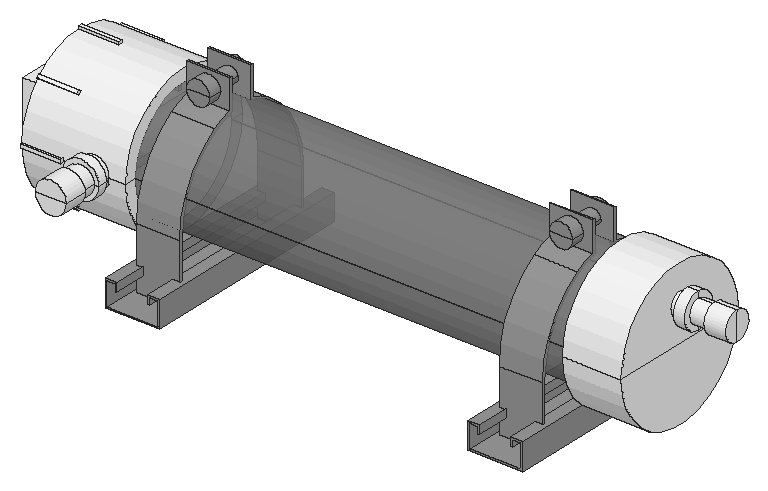
Revit family "Condensate_Neutralizers-Navien-Light_Commercial", category Mechanical Equipment, host Face, Revit 2016
Family settings
  Host = Face
  Part Type = Normal
  Round Connector Dimension = Use Diameter
  OmniClass Number = 23.45.55.21
  OmniClass Title = Drains (Wastes)
  Cut with Voids When Loaded = No
  Shared = No
  Room Calculation Point = No
Parameters (values of type "Light Commercial Neutralizer - GXXX001324")
  Width = 19"  # constant formula
  Weight = 10.00 lbf  # constant formula
  Version = "2016 - v1.0.a"  # constant formula
  URL = "https://www.navieninc.com"
  Type Comments = "Replacement Media Part No.: GXXX001328"  # constant formula
  Product Page URL = "https://www.navieninc.com/accessories/all"
  Product Name = "Light Commercial Neutralizer"  # constant formula
  Product Documentation Link = "Contact Navien for Product Documentation"
  Outlet = 0.75"  # constant formula
  Model = "GXXX001324"  # constant formula
  Material = ""
  Manufacturer Phone Number = "(949) 420-0420"  # constant formula
  Manufacturer Fax Number = "(949) 420-0430"  # constant formula
  Manufacturer Address = "20 Goodyear, Irvine, CA 92618"  # constant formula
  Manufacturer = "Navien, Inc."  # constant formula
  Keynote = ""
  Installation Type = "Neutralizer (wall or fl\u001foor mounted). Do NOT mount the neutralizer in a VERTICAL position."  # constant formula
  Inlet = 0.75"  # constant formula
  Height = 6"  # constant formula
  Flow Rate Note = "Max Flow Rate: 10 gph (38 lph)"  # constant formula
  Flow Rate = 0.037854 m³/h
  Finish = Plastic - Navien - White
  Description = "Neutralizer, Light Commercial – for up to 6 units"  # constant formula
  Depth = 5"  # constant formula
  Default Elevation = 48"
  Constraints = 6
  Copyright = "All contents copyright © Navien Inc."  # constant formula
  Assembly Code = ""
Reference planes (in)
  plane 1 "Center (Elevation)": y = 0
  plane 2: z = 0
  plane 3 "Center (Left/Right)": x = 0
  plane 4: x = -9.5
  plane 5: x = 9.5
  plane 6: y = 2
  plane 7: y = -2
  plane 8: z = 2.5
  plane 9: z = 3.5
  plane 10: x = -6.625
Forms (in)
  Revolve 1, solid, material "Plastic - Navien - White", detail levels medium+fine
    sketch origin (-20.30664, -180, 2.5) x (-1, 0, 0) y (0, -1, 0)
      loop
        line (-11.55768, -180) -> (-28.22083, -180) -> (-28.22083, -182) -> (-26.60997, -182) -> (-26.60997, -181.66566) -> (-14.58419, -181.66566) -> (-14.58419, -182) -> (-11.74257, -182) -> (-11.74257, -181.63451) -> (-11.55768, -181.63451) -> (-11.55768, -180)
      axis (-11.55768, -180) -> (-28.22083, -180)
    angle from 0 to 360
  Extrusion 2, solid, material "Metal - Navien - Aluminum", detail levels medium+fine
    sketch origin (0, 0, 0) x (1, 0, 0) y (0, 0, 1)
      loop
        line (-5.14802, 0.50375) -> (-5.14802, 0.72737) -> (-5.47615, 0.72737) -> (-5.47615, 0) -> (-3.98124, 0) -> (-3.98124, 0.72737) -> (-4.30937, 0.72737) -> (-4.30937, 0.50375) -> (-4.25937, 0.50375) -> (-4.25937, 0.67737) -> (-4.03124, 0.67737) -> (-4.03124, 0.05) -> (-5.42615, 0.05) -> (-5.42615, 0.67737) -> (-5.19802, 0.67737) -> (-5.19802, 0.50375) -> (-5.14802, 0.50375)
      loop
        line (5.67146, 0.50375) -> (5.72146, 0.50375) -> (5.72146, 0.67737) -> (5.94958, 0.67737) -> (5.94958, 0.05) -> (4.55468, 0.05) -> (4.55468, 0.67737) -> (4.7828, 0.67737) -> (4.7828, 0.50375) -> (4.8328, 0.50375) -> (4.8328, 0.72737) -> (4.50468, 0.72737) -> (4.50468, 0) -> (5.99958, 0) -> (5.99958, 0.72737) -> (5.67146, 0.72737) -> (5.67146, 0.50375)
    from -3 to 3
  Extrusion 3, solid, material "Metal - Navien - Aluminum"
    sketch origin (0, 0, 0) x (0, 1, 0) y (0, 0, 1)
      loop
        arc (-0.90977, 3.95458) -> (-1.80601, 2.99994) -> (-2.11448, 1.72737) r 2.56582
        line (-2.11448, 1.72737) -> (-2.11448, 0) -> (-2.06448, 0) -> (-2.06448, 1.72787)
        arc (-2.06448, 1.72787) -> (-1.76215, 2.97593) -> (-0.88325, 3.91219) r 2.51582
        arc (-0.88325, 3.91219) -> (-0.62078, 4.04566) -> (-0.3389, 4.13082) r 1.66566
        line (-0.3389, 4.13082) -> (-0.3389, 4.98926) -> (-0.3889, 4.98926) -> (-0.3889, 4.171)
        arc (-0.3889, 4.171) -> (-0.65829, 4.08434) -> (-0.90977, 3.95458) r 1.71566
      loop
        arc (0.90977, 3.95458) -> (0.65829, 4.08434) -> (0.3889, 4.171) r 1.71566
        line (0.3889, 4.171) -> (0.3889, 4.98926) -> (0.3389, 4.98926) -> (0.3389, 4.13082)
        arc (0.3389, 4.13082) -> (0.62078, 4.04566) -> (0.88325, 3.91219) r 1.66566
        arc (0.88325, 3.91219) -> (1.76215, 2.97593) -> (2.06448, 1.72787) r 2.51582
        line (2.06448, 1.72787) -> (2.06448, 0) -> (2.11448, 0) -> (2.11448, 1.72737)
        arc (2.11448, 1.72737) -> (1.80601, 2.99994) -> (0.90977, 3.95458) r 2.56582
    from -5.32291 to -4.13448
  Extrusion 4, solid, material "Metal - Navien - Aluminum"
    sketch origin (0.52344, 0, 0) x (0, 1, 0) y (0, 0, -1)
      loop
        arc (-0.90977, -3.95458) -> (-0.65829, -4.08434) -> (-0.3889, -4.171) r 1.71566
        line (-0.3889, -4.171) -> (-0.3889, -4.98926) -> (-0.3389, -4.98926) -> (-0.3389, -4.13082)
        arc (-0.3389, -4.13082) -> (-0.62078, -4.04566) -> (-0.88325, -3.91219) r 1.66566
        arc (-0.88325, -3.91219) -> (-1.76215, -2.97593) -> (-2.06448, -1.72787) r 2.51582
        line (-2.06448, -1.72787) -> (-2.06448, 0) -> (-2.11448, 0) -> (-2.11448, -1.72737)
        arc (-2.11448, -1.72737) -> (-1.80601, -2.99994) -> (-0.90977, -3.95458) r 2.56582
      loop
        arc (0.90977, -3.95458) -> (1.80601, -2.99994) -> (2.11448, -1.72737) r 2.56582
        line (2.11448, -1.72737) -> (2.11448, 0) -> (2.06448, 0) -> (2.06448, -1.72787)
        arc (2.06448, -1.72787) -> (1.76215, -2.97593) -> (0.88325, -3.91219) r 2.51582
        arc (0.88325, -3.91219) -> (0.62078, -4.04566) -> (0.3389, -4.13082) r 1.66566
        line (0.3389, -4.13082) -> (0.3389, -4.98926) -> (0.3889, -4.98926) -> (0.3889, -4.171)
        arc (0.3889, -4.171) -> (0.65829, -4.08434) -> (0.90977, -3.95458) r 1.71566
    from -5.32291 to -4.13448
  Revolve 5, solid, material "Metal - Navien - Aluminum"
    sketch origin (0, 19.32383, 4.55656) x (0, 1, 0) y (-1, 0, 0)
      loop
        line (-18.93493, 4.94456) -> (-19.71273, 4.94456) -> (-19.71273, 5.0546) -> (-20.05814, 5.0546) -> (-20.05814, 4.72869) -> (-18.74509, 4.72869) -> (-18.74509, 5.08603) -> (-18.93493, 5.08603) -> (-18.93493, 4.94456)
      axis (-18.74509, 4.72869) -> (-20.05814, 4.72869)
    angle from 0 to 360
  Revolve 6, solid, material "Metal - Navien - Aluminum"
    sketch origin (0.52344, 19.32383, 4.55656) x (0, 1, 0) y (-1, 0, 0)
      loop
        line (-18.93493, -4.94456) -> (-18.93493, -5.08603) -> (-18.74509, -5.08603) -> (-18.74509, -4.72869) -> (-20.05814, -4.72869) -> (-20.05814, -5.0546) -> (-19.71273, -5.0546) -> (-19.71273, -4.94456) -> (-18.93493, -4.94456)
      axis (-18.74509, -4.72869) -> (-20.05814, -4.72869)
    angle from 0 to 360
  Revolve 7, solid, material "Plastic - Navien - White", detail levels medium+fine
    sketch origin (-20.30664, -180, 2.5) x (-1, 0, 0) y (0, -1, 0)
      loop
        line (-13.68164, -176.56592) -> (-14.1108, -176.56592) -> (-14.1108, -177.19063) -> (-14.05732, -177.19063) -> (-14.05732, -177.58473) -> (-14.18335, -177.58473) -> (-14.18335, -177.85209) -> (-14.1108, -177.85209) -> (-14.1108, -182) -> (-14.1108, -182.14791) -> (-14.18335, -182.14791) -> (-14.18335, -182.45867) -> (-13.68164, -182.45867) -> (-13.68164, -176.56592)
      axis (-13.68164, -182.45867) -> (-13.68164, -176.56592)
    angle from 0 to 360
  Revolve 8, solid, material "Plastic - Navien - White", detail levels medium+fine
    sketch origin (0, 0, 0) x (1, 0, 0) y (0, 0, 1)
      loop
        line (9.5, 3.5) -> (7.47369, 3.5) -> (7.47369, 3.18694) -> (8.14382, 3.18694) -> (8.14382, 3.02368) -> (8.43593, 3.02368) -> (8.43593, 3.18694) -> (8.91025, 3.18694) -> (8.91025, 3.11044) -> (9.5, 3.11044) -> (9.5, 3.5)
      axis (9.5, 3.5) -> (7.47369, 3.5)
    angle from 0 to 360
  Extrusion 9, solid, material "Plastic - Navien - White", detail levels fine
    sketch origin (0, 0, 0) x (0, 1, 0) y (0, 0, 1)
      loop
        line (-0.04899, 4.5644) -> (-0.04899, 4.48672) -> (0.04899, 4.48672) -> (0.04899, 4.5644) -> (-0.04899, 4.5644)
    from -8.56407 to -7.45767
  Extrusion 10, solid, material "Plastic - Navien - White", detail levels fine
    sketch origin (0, -1.76777, 0.73223) x (0, 0.707107, -0.707107) y (0, 0.707107, 0.707107)
      loop
        line (-0.04899, 4.5644) -> (-0.04899, 4.48672) -> (0.04899, 4.48672) -> (0.04899, 4.5644) -> (-0.04899, 4.5644)
    from -8.56407 to -7.45767
  Extrusion 11, solid, material "Plastic - Navien - White", detail levels fine
    sketch origin (0, 1.76777, 0.73223) x (0, 0.707107, 0.707107) y (0, -0.707107, 0.707107)
      loop
        line (-0.04899, 4.5644) -> (-0.04899, 4.48672) -> (0.04899, 4.48672) -> (0.04899, 4.5644) -> (-0.04899, 4.5644)
    from -8.56407 to -7.45767
  Extrusion 12, solid, material "Plastic - Navien - White", detail levels fine
    sketch origin (0, 2.5, 2.5) x (0, 0, 1) y (0, -1, 0)
      loop
        line (-0.04899, 4.5644) -> (-0.04899, 4.48672) -> (0.04899, 4.48672) -> (0.04899, 4.5644) -> (-0.04899, 4.5644)
    from -8.56407 to -7.45767
  Extrusion 13, solid, material "Plastic - Navien - White", detail levels fine
    sketch origin (0, 1.76777, 4.26777) x (0, -0.707107, 0.707107) y (0, -0.707107, -0.707107)
      loop
        line (-0.04899, 4.5644) -> (-0.04899, 4.48672) -> (0.04899, 4.48672) -> (0.04899, 4.5644) -> (-0.04899, 4.5644)
    from -8.56407 to -7.45767
  Extrusion 14, solid, material "Plastic - Navien - White", detail levels fine
    sketch origin (0, 0, 5) x (0, -1, 0) y (0, 0, -1)
      loop
        line (-0.04899, 4.5644) -> (-0.04899, 4.48672) -> (0.04899, 4.48672) -> (0.04899, 4.5644) -> (-0.04899, 4.5644)
    from -8.56407 to -7.45767
  Extrusion 15, solid, material "Plastic - Navien - White", detail levels fine
    sketch origin (0, -1.76777, 4.26777) x (0, -0.707107, -0.707107) y (0, 0.707107, -0.707107)
      loop
        line (-0.04899, 4.5644) -> (-0.04899, 4.48672) -> (0.04899, 4.48672) -> (0.04899, 4.5644) -> (-0.04899, 4.5644)
    from -8.56407 to -7.45767
  Extrusion 16, solid, material "Plastic - Navien - White", detail levels fine
    sketch origin (0, -2.5, 2.5) x (0, 0, -1) y (0, 1, 0)
      loop
        line (-0.04899, 4.5644) -> (-0.04899, 4.48672) -> (0.04899, 4.48672) -> (0.04899, 4.5644) -> (-0.04899, 4.5644)
    from -8.56407 to -7.45767
  Extrusion 17, solid, material "Plastic - Navien - White"
    sketch origin (0, 0, 0) x (1, 0, 0) y (0, 0, 1)
      loop
        line (-8.74897, 3.29825) -> (-9.5, 3.29825) -> (-9.5, 1.70175) -> (-8.74897, 1.70175) -> (-8.74897, 3.29825)
    from -0.8 to 0.8
  Revolve 18, solid, material "Plastic - Navien - White", detail levels coarse
    sketch origin (-20.30664, -180, 2.5) x (-1, 0, 0) y (0, -1, 0)
      loop
        line (-11.55768, -180) -> (-28.22083, -180) -> (-28.22083, -182) -> (-26.60997, -182) -> (-26.60997, -181.66566) -> (-14.58419, -181.66566) -> (-14.58419, -182) -> (-11.55768, -182) -> (-11.55768, -180)
      axis (-11.55768, -180) -> (-28.22083, -180)
    angle from 0 to 360
  Revolve 19, solid, material "Plastic - Navien - White", detail levels coarse
    sketch origin (0, 0, 0) x (1, 0, 0) y (0, 0, 1)
      loop
        line (9.5, 3.5) -> (7.47369, 3.5) -> (7.47369, 3.02368) -> (9.5, 3.02368) -> (9.5, 3.5)
      axis (9.5, 3.5) -> (7.47369, 3.5)
    angle from 0 to 360
  Revolve 20, solid, material "Plastic - Navien - White", detail levels coarse
    sketch origin (-20.30664, -180, 2.5) x (-1, 0, 0) y (0, -1, 0)
      loop
        line (-13.68164, -176.56592) -> (-14.18335, -176.56592) -> (-14.18335, -182.45867) -> (-13.68164, -182.45867) -> (-13.68164, -176.56592)
      axis (-13.68164, -182.45867) -> (-13.68164, -176.56592)
    angle from 0 to 360
  Extrusion 21, solid, material "Metal - Navien - Aluminum", detail levels coarse
    sketch origin (0, 0, 0) x (1, 0, 0) y (0, 0, 1)
      loop
        line (-5.47615, 0.72737) -> (-5.47615, 0) -> (-3.98124, 0) -> (-3.98124, 0.72737) -> (-5.47615, 0.72737)
      loop
        line (4.50468, 0.72737) -> (4.50468, 0) -> (5.99958, 0) -> (5.99958, 0.72737) -> (4.50468, 0.72737)
    from -3 to 3
Dimensions and locks (in)
  locked: host sketch curve to plane 3 "Center (Left/Right)" at 24.1875  (x40)
  locked: host sketch curve to plane 1 "Center (Elevation)" at 22  (x40)
  plane 8 to level = 2.5"
  plane 9 to level = 3.5"
  plane 10 to plane 5 = 16.125"
  locked: Revolve 1 to plane 3 "Center (Left/Right)" at 7.91419  (x4)
  locked: Revolve 1 to plane 3 "Center (Left/Right)" at 6.30333  (x4)
  locked: Revolve 1 to plane 3 "Center (Left/Right)" at 5.72246  (x4)
  locked: Revolve 1 to plane 3 "Center (Left/Right)" at 8.56407  (x4)
  locked: Revolve 1 to plane 3 "Center (Left/Right)" at 8.74897  (x4)
  locked: Revolve 1 sketch curve to plane 3 "Center (Left/Right)" at 7.91419  (x10)
  locked: Revolve 1 sketch curve to plane 3 "Center (Left/Right)" at 6.30333  (x10)
  locked: Revolve 1 sketch curve to plane 3 "Center (Left/Right)" at 5.72246  (x10)
  locked: Revolve 1 sketch curve to plane 3 "Center (Left/Right)" at 8.56407  (x10)
  locked: Revolve 1 sketch curve to plane 3 "Center (Left/Right)" at 8.74897  (x10)
  locked: Revolve 1 sketch curve to plane 3 "Center (Left/Right)" at 12.76653  (x2)
  locked: Revolve 1 sketch curve to plane 3 "Center (Left/Right)" at 14.48347  (x2)
  locked: Revolve 1 sketch curve to plane 1 "Center (Elevation)" at 2  (x20)
  locked: Revolve 1 sketch curve to plane 1 "Center (Elevation)" at 1.66566  (x10)
  locked: Revolve 1 sketch curve to plane 1 "Center (Elevation)" at 1.63451  (x10)
  locked: Revolve 1 sketch curve to level at 2.5  (x66)
  locked: Extrusion 2 to plane 3 "Center (Left/Right)" at 5.47615  (x2)
  locked: Extrusion 2 to plane 3 "Center (Left/Right)" at 3.98124  (x2)
  locked: Extrusion 2 to plane 3 "Center (Left/Right)" at 4.30937  (x2)
  locked: Extrusion 2 to plane 3 "Center (Left/Right)" at 4.25937  (x2)
  locked: Extrusion 2 to plane 3 "Center (Left/Right)" at 4.03124  (x2)
  locked: Extrusion 2 to plane 3 "Center (Left/Right)" at 5.42615  (x2)
  locked: Extrusion 2 to plane 3 "Center (Left/Right)" at 5.19802  (x2)
  locked: Extrusion 2 to plane 3 "Center (Left/Right)" at 5.14802  (x2)
  locked: Extrusion 2 to plane 3 "Center (Left/Right)" at 5.67146  (x2)
  locked: Extrusion 2 to plane 3 "Center (Left/Right)" at 5.72146  (x2)
  locked: Extrusion 2 to plane 3 "Center (Left/Right)" at 5.94958  (x2)
  locked: Extrusion 2 to plane 3 "Center (Left/Right)" at 4.55468  (x2)
  locked: Extrusion 2 to plane 3 "Center (Left/Right)" at 4.7828  (x2)
  locked: Extrusion 2 to plane 3 "Center (Left/Right)" at 4.8328  (x2)
  locked: Extrusion 2 to plane 3 "Center (Left/Right)" at 4.50468  (x2)
  locked: Extrusion 2 to plane 3 "Center (Left/Right)" at 5.99958  (x2)
  locked: Extrusion 2 sketch curve to plane 3 "Center (Left/Right)" at 5.14802  (x10)
  locked: Extrusion 2 sketch curve to plane 3 "Center (Left/Right)" at 5.47615  (x10)
  locked: Extrusion 2 sketch curve to plane 3 "Center (Left/Right)" at 3.98124  (x10)
  locked: Extrusion 2 sketch curve to plane 3 "Center (Left/Right)" at 4.30937  (x10)
  locked: Extrusion 2 sketch curve to plane 3 "Center (Left/Right)" at 4.25937  (x10)
  locked: Extrusion 2 sketch curve to plane 3 "Center (Left/Right)" at 4.03124  (x10)
  locked: Extrusion 2 sketch curve to plane 3 "Center (Left/Right)" at 5.42615  (x10)
  locked: Extrusion 2 sketch curve to plane 3 "Center (Left/Right)" at 5.19802  (x10)
  locked: Extrusion 2 sketch curve to plane 3 "Center (Left/Right)" at 5.67146  (x10)
  locked: Extrusion 2 sketch curve to plane 3 "Center (Left/Right)" at 5.99958  (x10)
  locked: Extrusion 2 sketch curve to plane 3 "Center (Left/Right)" at 4.50468  (x10)
  locked: Extrusion 2 sketch curve to plane 3 "Center (Left/Right)" at 4.8328  (x10)
  locked: Extrusion 2 sketch curve to plane 3 "Center (Left/Right)" at 4.7828  (x10)
  locked: Extrusion 2 sketch curve to plane 3 "Center (Left/Right)" at 4.55468  (x10)
  locked: Extrusion 2 sketch curve to plane 3 "Center (Left/Right)" at 5.94958  (x10)
  locked: Extrusion 2 sketch curve to plane 3 "Center (Left/Right)" at 5.72146  (x10)
  locked: Extrusion 2 to plane 1 "Center (Elevation)" at 3  (x4)
  locked: Extrusion 2 to level at 0.72737  (x8)
  locked: Extrusion 2 to level at 0.50375  (x8)
  locked: Extrusion 2 to level at 0.67737  (x8)
  locked: Extrusion 2 to level at 0.05  (x4)
  locked: Extrusion 2 sketch curve to level at 0.72737  (x40)
  locked: Extrusion 2 sketch curve to level at 0.50375  (x40)
  locked: Extrusion 2 sketch curve to level at 0.67737  (x40)
  locked: Extrusion 2 sketch curve to level at 0.05  (x20)
  locked: Extrusion 3 to plane 3 "Center (Left/Right)" at 4.13448  (x2)
  locked: Extrusion 3 to plane 3 "Center (Left/Right)" at 5.32291  (x2)
  locked: Extrusion 3 to plane 1 "Center (Elevation)" at 2.11448  (x4)
  locked: Extrusion 3 to plane 1 "Center (Elevation)" at 2.06448  (x4)
  locked: Extrusion 3 to plane 1 "Center (Elevation)" at 0.3389  (x4)
  locked: Extrusion 3 to plane 1 "Center (Elevation)" at 0.3889  (x4)
  locked: Extrusion 3 sketch curve to plane 1 "Center (Elevation)" at 0.3889  (x20)
  locked: Extrusion 3 sketch curve to plane 1 "Center (Elevation)" at 0.3389  (x20)
  locked: Extrusion 3 sketch curve to plane 1 "Center (Elevation)" at 0.88325  (x8)
  locked: Extrusion 3 sketch curve to plane 1 "Center (Elevation)" at 2.06448  (x20)
  locked: Extrusion 3 sketch curve to plane 1 "Center (Elevation)" at 2.11448  (x20)
  locked: Extrusion 3 sketch curve to plane 1 "Center (Elevation)" at 0.90977  (x8)
  locked: Extrusion 3 to level at 4.98926  (x4)
  locked: Extrusion 3 sketch curve to level at 4.98926  (x20)
  locked: Extrusion 3 sketch curve to level at 4.171  (x8)
  locked: Extrusion 3 sketch curve to level at 4.13082  (x8)
  locked: Extrusion 3 sketch curve to level at 3.91219  (x8)
  locked: Extrusion 3 sketch curve to level at 1.72787  (x8)
  locked: Extrusion 3 sketch curve to level at 1.72737  (x8)
  locked: Extrusion 3 sketch curve to level at 3.95458  (x8)
  locked: plane 1 "Center (Elevation)" to Extrusion 3 sketch curve at 1.66566  (x2)
  locked: plane 1 "Center (Elevation)" to Extrusion 3 sketch curve at 2.065  (x2)
  locked: plane 1 "Center (Elevation)" to Extrusion 3 sketch curve at 2.115  (x2)
  locked: plane 1 "Center (Elevation)" to Extrusion 3 sketch curve at 1.71566  (x2)
  locked: Extrusion 3 sketch curve to level at 0.83434  (x2)
  locked: level to Extrusion 3 sketch curve at 0.73661  (x2)
  locked: level to Extrusion 3 sketch curve at 0.78661  (x2)
  locked: Extrusion 3 sketch curve to level at 0.78434  (x2)
  locked: Extrusion 4 to plane 3 "Center (Left/Right)" at 4.65792  (x2)
  locked: Extrusion 4 to plane 3 "Center (Left/Right)" at 5.84634  (x2)
  locked: Extrusion 4 sketch curve to plane 3 "Center (Left/Right)" at 0.52344  (x120)
  locked: Extrusion 4 to plane 1 "Center (Elevation)" at 2.11448  (x4)
  locked: Extrusion 4 to plane 1 "Center (Elevation)" at 2.06448  (x4)
  locked: Extrusion 4 to plane 1 "Center (Elevation)" at 0.3389  (x4)
  locked: Extrusion 4 to plane 1 "Center (Elevation)" at 0.3889  (x4)
  locked: Extrusion 4 sketch curve to plane 1 "Center (Elevation)" at 0.3889  (x20)
  locked: Extrusion 4 sketch curve to plane 1 "Center (Elevation)" at 0.3389  (x20)
  locked: Extrusion 4 sketch curve to plane 1 "Center (Elevation)" at 0.88325  (x8)
  locked: Extrusion 4 sketch curve to plane 1 "Center (Elevation)" at 2.06448  (x20)
  locked: Extrusion 4 sketch curve to plane 1 "Center (Elevation)" at 2.11448  (x20)
  locked: Extrusion 4 sketch curve to plane 1 "Center (Elevation)" at 0.90977  (x8)
  locked: Extrusion 4 to level at 4.98926  (x4)
  locked: Extrusion 4 sketch curve to level at 4.98926  (x20)
  locked: Extrusion 4 sketch curve to level at 4.171  (x8)
  locked: Extrusion 4 sketch curve to level at 4.13082  (x8)
  locked: Extrusion 4 sketch curve to level at 3.91219  (x8)
  locked: Extrusion 4 sketch curve to level at 1.72787  (x8)
  locked: Extrusion 4 sketch curve to level at 1.72737  (x8)
  locked: Extrusion 4 sketch curve to level at 3.95458  (x8)
  locked: plane 1 "Center (Elevation)" to Extrusion 4 sketch curve at 1.66566  (x2)
  locked: plane 1 "Center (Elevation)" to Extrusion 4 sketch curve at 2.065  (x2)
  locked: plane 1 "Center (Elevation)" to Extrusion 4 sketch curve at 2.115  (x2)
  locked: plane 1 "Center (Elevation)" to Extrusion 4 sketch curve at 1.71566  (x2)
  locked: Extrusion 4 sketch curve to level at 0.83434  (x2)
  locked: level to Extrusion 4 sketch curve at 0.73661  (x2)
  locked: level to Extrusion 4 sketch curve at 0.78661  (x2)
  locked: Extrusion 4 sketch curve to level at 0.78434  (x2)
  locked: Revolve 5 sketch curve to plane 3 "Center (Left/Right)" at 5.08603  (x10)
  locked: Revolve 5 sketch curve to plane 3 "Center (Left/Right)" at 4.72869  (x16)
  locked: Revolve 5 sketch curve to plane 3 "Center (Left/Right)" at 5.0546  (x10)
  locked: Revolve 5 sketch curve to plane 3 "Center (Left/Right)" at 4.94456  (x10)
  locked: Revolve 5 to plane 1 "Center (Elevation)" at 0.3889  (x8)
  locked: Revolve 5 to plane 1 "Center (Elevation)" at 0.73431  (x4)
  locked: Revolve 5 to plane 1 "Center (Elevation)" at 0.57874  (x4)
  locked: Revolve 5 sketch curve to plane 1 "Center (Elevation)" at 0.3889  (x22)
  locked: Revolve 5 sketch curve to plane 1 "Center (Elevation)" at 0.57874  (x10)
  locked: Revolve 5 sketch curve to plane 1 "Center (Elevation)" at 0.73431  (x10)
  locked: Revolve 5 sketch curve to plane 1 "Center (Elevation)" at 1.18006  (x2)
  locked: Revolve 5 sketch curve to level at 4.55656  (x54)
  locked: Revolve 6 sketch curve to plane 3 "Center (Left/Right)" at 5.60947  (x10)
  locked: Revolve 6 sketch curve to plane 3 "Center (Left/Right)" at 5.25213  (x16)
  locked: Revolve 6 sketch curve to plane 3 "Center (Left/Right)" at 5.57804  (x10)
  locked: Revolve 6 sketch curve to plane 3 "Center (Left/Right)" at 5.468  (x10)
  locked: Revolve 6 to plane 1 "Center (Elevation)" at 0.3889  (x8)
  locked: Revolve 6 to plane 1 "Center (Elevation)" at 0.73431  (x4)
  locked: Revolve 6 to plane 1 "Center (Elevation)" at 0.57874  (x4)
  locked: Revolve 6 sketch curve to plane 1 "Center (Elevation)" at 0.3889  (x22)
  locked: Revolve 6 sketch curve to plane 1 "Center (Elevation)" at 0.57874  (x10)
  locked: Revolve 6 sketch curve to plane 1 "Center (Elevation)" at 0.73431  (x10)
  locked: Revolve 6 sketch curve to plane 1 "Center (Elevation)" at 1.18006  (x2)
  locked: Revolve 6 sketch curve to level at 4.55656  (x54)
  locked: Revolve 7 sketch curve to plane 3 "Center (Left/Right)" at 6.625  (x16)
  locked: Revolve 7 sketch curve to plane 3 "Center (Left/Right)" at 6.1233  (x20)
  locked: Revolve 7 sketch curve to plane 3 "Center (Left/Right)" at 6.19584  (x26)
  locked: Revolve 7 sketch curve to plane 3 "Center (Left/Right)" at 6.24932  (x10)
  locked: Revolve 7 to plane 1 "Center (Elevation)" at 3.43408  (x4)
  locked: Revolve 7 to plane 1 "Center (Elevation)" at 2.80937  (x4)
  locked: Revolve 7 to plane 1 "Center (Elevation)" at 2.41527  (x4)
  locked: Revolve 7 to plane 1 "Center (Elevation)" at 2.14791  (x8)
  locked: Revolve 7 to plane 1 "Center (Elevation)" at 2.45867  (x4)
  locked: Revolve 7 sketch curve to plane 1 "Center (Elevation)" at 2.45867  (x10)
  locked: Revolve 7 sketch curve to plane 1 "Center (Elevation)" at 2.14791  (x20)
  locked: Revolve 7 sketch curve to plane 1 "Center (Elevation)" at 2  (x4)
  locked: Revolve 7 sketch curve to plane 1 "Center (Elevation)" at 2.41527  (x10)
  locked: Revolve 7 sketch curve to plane 1 "Center (Elevation)" at 2.80937  (x10)
  locked: Revolve 7 sketch curve to plane 1 "Center (Elevation)" at 3.43408  (x10)
  locked: Revolve 7 sketch curve to plane 1 "Center (Elevation)" at 4.75  (x2)
  locked: Revolve 7 sketch curve to plane 1 "Center (Elevation)" at 4.5  (x2)
  locked: Revolve 7 sketch curve to level at 2.5  (x84)
  locked: Revolve 8 to plane 3 "Center (Left/Right)" at 7.47369  (x4)
  locked: Revolve 8 to plane 3 "Center (Left/Right)" at 8.14382  (x4)
  locked: Revolve 8 to plane 3 "Center (Left/Right)" at 8.43593  (x4)
  locked: Revolve 8 to plane 3 "Center (Left/Right)" at 8.91025  (x4)
  locked: Revolve 8 to plane 3 "Center (Left/Right)" at 9.5  (x4)
  locked: Revolve 8 sketch curve to plane 3 "Center (Left/Right)" at 7.47369  (x10)
  locked: Revolve 8 sketch curve to plane 3 "Center (Left/Right)" at 8.14382  (x10)
  locked: Revolve 8 sketch curve to plane 3 "Center (Left/Right)" at 8.43593  (x10)
  locked: Revolve 8 sketch curve to plane 3 "Center (Left/Right)" at 8.91025  (x10)
  locked: Revolve 8 sketch curve to plane 3 "Center (Left/Right)" at 9.5  (x10)
  locked: Revolve 8 sketch curve to plane 3 "Center (Left/Right)" at 10.94058  (x2)
  locked: Revolve 8 sketch curve to plane 3 "Center (Left/Right)" at 6.44058  (x2)
  locked: Revolve 8 sketch curve to level at 3.5  (x16)
  locked: Revolve 8 sketch curve to level at 3.18694  (x20)
  locked: Revolve 8 sketch curve to level at 3.02368  (x10)
  locked: Revolve 8 sketch curve to level at 3.11044  (x10)
  locked: Extrusion 9 to plane 3 "Center (Left/Right)" at 7.45767  (x2)
  locked: Extrusion 9 to plane 3 "Center (Left/Right)" at 8.56407  (x2)
  locked: Extrusion 9 to plane 1 "Center (Elevation)" at 0.04899  (x4)
  locked: Extrusion 9 sketch curve to plane 1 "Center (Elevation)" at 0.04899  (x20)
  locked: Extrusion 9 to level at 4.48672  (x2)
  locked: Extrusion 9 to level at 4.5644  (x2)
  locked: Extrusion 9 sketch curve to level at 4.48672  (x10)
  locked: Extrusion 9 sketch curve to level at 4.5644  (x10)
  locked: Extrusion 10 to plane 3 "Center (Left/Right)" at 7.45767  (x2)
  locked: Extrusion 10 to plane 3 "Center (Left/Right)" at 8.56407  (x2)
  locked: Extrusion 10 sketch curve to plane 1 "Center (Elevation)" at 1.37018  (x4)
  locked: Extrusion 10 sketch curve to plane 1 "Center (Elevation)" at 1.43946  (x4)
  locked: Extrusion 10 sketch curve to plane 1 "Center (Elevation)" at 1.4944  (x4)
  locked: Extrusion 10 sketch curve to plane 1 "Center (Elevation)" at 1.42511  (x4)
  locked: Extrusion 10 sketch curve to level at 3.93946  (x4)
  locked: Extrusion 10 sketch curve to level at 3.87018  (x4)
  locked: Extrusion 10 sketch curve to level at 3.92511  (x4)
  locked: Extrusion 10 sketch curve to level at 3.9944  (x4)
  locked: Extrusion 11 to plane 3 "Center (Left/Right)" at 7.45767  (x2)
  locked: Extrusion 11 to plane 3 "Center (Left/Right)" at 8.56407  (x2)
  locked: Extrusion 11 sketch curve to plane 1 "Center (Elevation)" at 1.43946  (x4)
  locked: Extrusion 11 sketch curve to plane 1 "Center (Elevation)" at 1.37018  (x4)
  locked: Extrusion 11 sketch curve to plane 1 "Center (Elevation)" at 1.42511  (x4)
  locked: Extrusion 11 sketch curve to plane 1 "Center (Elevation)" at 1.4944  (x4)
  locked: Extrusion 11 sketch curve to level at 3.87018  (x4)
  locked: Extrusion 11 sketch curve to level at 3.93946  (x4)
  locked: Extrusion 11 sketch curve to level at 3.9944  (x4)
  locked: Extrusion 11 sketch curve to level at 3.92511  (x4)
  locked: Extrusion 12 to plane 3 "Center (Left/Right)" at 7.45767  (x2)
  locked: Extrusion 12 to plane 3 "Center (Left/Right)" at 8.56407  (x2)
  locked: Extrusion 12 to plane 1 "Center (Elevation)" at 1.98672  (x2)
  locked: Extrusion 12 to plane 1 "Center (Elevation)" at 2.0644  (x2)
  locked: Extrusion 12 sketch curve to plane 1 "Center (Elevation)" at 1.98672  (x10)
  locked: Extrusion 12 sketch curve to plane 1 "Center (Elevation)" at 2.0644  (x10)
  locked: Extrusion 12 to level at 2.54899  (x2)
  locked: Extrusion 12 to level at 2.45101  (x2)
  locked: Extrusion 12 sketch curve to level at 2.45101  (x10)
  locked: Extrusion 12 sketch curve to level at 2.54899  (x10)
  locked: Extrusion 13 to plane 3 "Center (Left/Right)" at 7.45767  (x2)
  locked: Extrusion 13 to plane 3 "Center (Left/Right)" at 8.56407  (x2)
  locked: Extrusion 13 sketch curve to plane 1 "Center (Elevation)" at 1.37018  (x4)
  locked: Extrusion 13 sketch curve to plane 1 "Center (Elevation)" at 1.43946  (x4)
  locked: Extrusion 13 sketch curve to plane 1 "Center (Elevation)" at 1.4944  (x4)
  locked: Extrusion 13 sketch curve to plane 1 "Center (Elevation)" at 1.42511  (x4)
  locked: Extrusion 13 sketch curve to level at 1.06054  (x4)
  locked: Extrusion 13 sketch curve to level at 1.12982  (x4)
  locked: Extrusion 13 sketch curve to level at 1.07489  (x4)
  locked: Extrusion 13 sketch curve to level at 1.0056  (x4)
  locked: Extrusion 14 to plane 3 "Center (Left/Right)" at 7.45767  (x2)
  locked: Extrusion 14 to plane 3 "Center (Left/Right)" at 8.56407  (x2)
  locked: Extrusion 14 to plane 1 "Center (Elevation)" at 0.04899  (x4)
  locked: Extrusion 14 sketch curve to plane 1 "Center (Elevation)" at 0.04899  (x20)
  locked: Extrusion 14 to level at 0.51328  (x2)
  locked: Extrusion 14 to level at 0.4356  (x2)
  locked: Extrusion 14 sketch curve to level at 0.51328  (x10)
  locked: Extrusion 14 sketch curve to level at 0.4356  (x10)
  locked: Extrusion 15 to plane 3 "Center (Left/Right)" at 7.45767  (x2)
  locked: Extrusion 15 to plane 3 "Center (Left/Right)" at 8.56407  (x2)
  locked: Extrusion 15 sketch curve to plane 1 "Center (Elevation)" at 1.43946  (x4)
  locked: Extrusion 15 sketch curve to plane 1 "Center (Elevation)" at 1.37018  (x4)
  locked: Extrusion 15 sketch curve to plane 1 "Center (Elevation)" at 1.42511  (x4)
  locked: Extrusion 15 sketch curve to plane 1 "Center (Elevation)" at 1.4944  (x4)
  locked: Extrusion 15 sketch curve to level at 1.12982  (x4)
  locked: Extrusion 15 sketch curve to level at 1.06054  (x4)
  locked: Extrusion 15 sketch curve to level at 1.0056  (x4)
  locked: Extrusion 15 sketch curve to level at 1.07489  (x4)
  locked: Extrusion 16 to plane 3 "Center (Left/Right)" at 7.45767  (x2)
  locked: Extrusion 16 to plane 3 "Center (Left/Right)" at 8.56407  (x2)
  locked: Extrusion 16 to plane 1 "Center (Elevation)" at 1.98672  (x2)
  locked: Extrusion 16 to plane 1 "Center (Elevation)" at 2.0644  (x2)
  locked: Extrusion 16 sketch curve to plane 1 "Center (Elevation)" at 1.98672  (x10)
  locked: Extrusion 16 sketch curve to plane 1 "Center (Elevation)" at 2.0644  (x10)
  locked: Extrusion 16 to level at 2.45101  (x2)
  locked: Extrusion 16 to level at 2.54899  (x2)
  locked: Extrusion 16 sketch curve to level at 2.54899  (x10)
  locked: Extrusion 16 sketch curve to level at 2.45101  (x10)
  locked: Extrusion 17 to plane 3 "Center (Left/Right)" at 9.5  (x2)
  locked: Extrusion 17 to plane 3 "Center (Left/Right)" at 8.74897  (x2)
  locked: Extrusion 17 sketch curve to plane 3 "Center (Left/Right)" at 9.5  (x10)
  locked: Extrusion 17 sketch curve to plane 3 "Center (Left/Right)" at 8.74897  (x10)
  locked: Extrusion 17 to plane 1 "Center (Elevation)" at 0.8  (x4)
  locked: Extrusion 17 to level at 1.70175  (x2)
  locked: Extrusion 17 to level at 3.29825  (x2)
  locked: Extrusion 17 sketch curve to level at 3.29825  (x10)
  locked: Extrusion 17 sketch curve to level at 1.70175  (x10)
  locked: Revolve 18 to plane 3 "Center (Left/Right)" at 7.91419  (x4)
  locked: Revolve 18 to plane 3 "Center (Left/Right)" at 6.30333  (x4)
  locked: Revolve 18 to plane 3 "Center (Left/Right)" at 5.72246  (x4)
  locked: Revolve 18 to plane 3 "Center (Left/Right)" at 8.74897  (x4)
  locked: Revolve 18 sketch curve to plane 3 "Center (Left/Right)" at 7.91419  (x10)
  locked: Revolve 18 sketch curve to plane 3 "Center (Left/Right)" at 6.30333  (x10)
  locked: Revolve 18 sketch curve to plane 3 "Center (Left/Right)" at 5.72246  (x10)
  locked: Revolve 18 sketch curve to plane 3 "Center (Left/Right)" at 8.74897  (x10)
  locked: Revolve 18 sketch curve to plane 3 "Center (Left/Right)" at 12.76653  (x2)
  locked: Revolve 18 sketch curve to plane 3 "Center (Left/Right)" at 14.48347  (x2)
  locked: Revolve 18 sketch curve to plane 1 "Center (Elevation)" at 2  (x20)
  locked: Revolve 18 sketch curve to plane 1 "Center (Elevation)" at 1.66566  (x10)
  locked: Revolve 18 sketch curve to level at 2.5  (x54)
  locked: Revolve 19 to plane 3 "Center (Left/Right)" at 7.47369  (x4)
  locked: Revolve 19 to plane 3 "Center (Left/Right)" at 9.5  (x4)
  locked: Revolve 19 sketch curve to plane 3 "Center (Left/Right)" at 7.47369  (x10)
  locked: Revolve 19 sketch curve to plane 3 "Center (Left/Right)" at 9.5  (x10)
  locked: Revolve 19 sketch curve to plane 3 "Center (Left/Right)" at 10.94058  (x2)
  locked: Revolve 19 sketch curve to plane 3 "Center (Left/Right)" at 6.44058  (x2)
  locked: Revolve 19 sketch curve to level at 3.5  (x16)
  locked: Revolve 19 sketch curve to level at 3.02368  (x10)
  locked: Revolve 20 sketch curve to plane 3 "Center (Left/Right)" at 6.625  (x16)
  locked: Revolve 20 sketch curve to plane 3 "Center (Left/Right)" at 6.1233  (x10)
  locked: Revolve 20 to plane 1 "Center (Elevation)" at 3.43408  (x4)
  locked: Revolve 20 to plane 1 "Center (Elevation)" at 2.45867  (x4)
  locked: Revolve 20 sketch curve to plane 1 "Center (Elevation)" at 2.45867  (x10)
  locked: Revolve 20 sketch curve to plane 1 "Center (Elevation)" at 3.43408  (x10)
  locked: Revolve 20 sketch curve to plane 1 "Center (Elevation)" at 4.75  (x2)
  locked: Revolve 20 sketch curve to plane 1 "Center (Elevation)" at 4.5  (x2)
  locked: Revolve 20 sketch curve to level at 2.5  (x30)
  locked: Extrusion 21 to plane 3 "Center (Left/Right)" at 5.47615  (x2)
  locked: Extrusion 21 to plane 3 "Center (Left/Right)" at 3.98124  (x2)
  locked: Extrusion 21 to plane 3 "Center (Left/Right)" at 4.50468  (x2)
  locked: Extrusion 21 to plane 3 "Center (Left/Right)" at 5.99958  (x2)
  locked: Extrusion 21 sketch curve to plane 3 "Center (Left/Right)" at 5.47615  (x10)
  locked: Extrusion 21 sketch curve to plane 3 "Center (Left/Right)" at 3.98124  (x10)
  locked: Extrusion 21 sketch curve to plane 3 "Center (Left/Right)" at 5.99958  (x10)
  locked: Extrusion 21 sketch curve to plane 3 "Center (Left/Right)" at 4.50468  (x10)
  locked: Extrusion 21 to plane 1 "Center (Elevation)" at 3  (x4)
  locked: Extrusion 21 to level at 0.72737  (x4)
  locked: Extrusion 21 sketch curve to level at 0.72737  (x20)
  aligned and locked: plane 2 to host face
  aligned and locked: level to host face
Connectors (in)
  piping at (-6.625, -3.43408, 2.5), diameter 0.75, driven by "Inlet"
    settings: on Revolve 7, index 1, connector inside diameter 24", connector length 0", flow factor 0, pipe flow 0 m³/h, pressure drop 0.00 psi, fitting loss kfactor 0, connector angle 0.00°, fixture units 0, engagement length 0", angle of deflection 0.00°, flow configuration 0, flow direction 1, fitting loss method 0, system type 16, joint type 0, gender type 0, connector reference index -1, connector utility 0, adjustable connector no, is connector primary yes, connector description "Condensate Inlet"
  piping at (9.5, 0, 3.5), diameter 0.75, driven by "Outlet"
    settings: on Revolve 8, index 2, connector inside diameter 24", connector length 0", flow factor 0, pipe flow 0 m³/h, pressure drop 0.00 psi, fitting loss kfactor 0, connector angle 0.00°, fixture units 0, engagement length 0", angle of deflection 0.00°, flow configuration 0, flow direction 2, fitting loss method 0, system type 16, joint type 0, gender type 0, connector reference index -1, connector utility 0, adjustable connector no, is connector primary no, connector description "Condensate Outlet"
